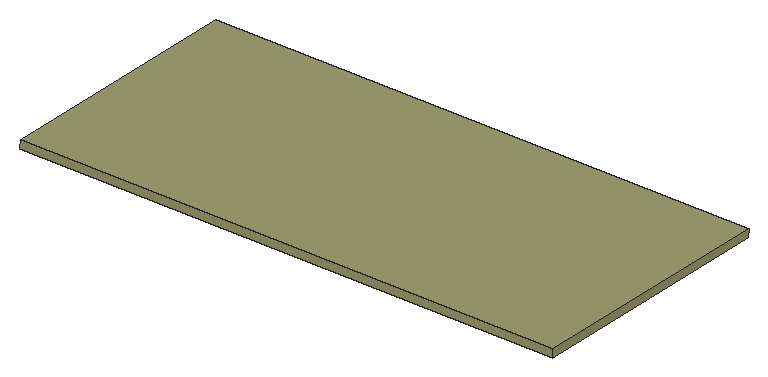
Revit family "Ecowool Classic Board (96kgm3)", category Generic Models, host Face, Revit 2020
Family settings
  Host = Face
  Can host rebar = No
  Round Connector Dimension = Use Diameter
  Part Type = Normal
  Cut with Voids When Loaded = No
  Shared = No
  Room Calculation Point = No
Parameters (values of type "EWBR 2596 (25mm)")
  Width [instance] = 800 mm
  Type of Insulation = "Glass Mineral Wool Insulation"
  Thermal R value = 0.81
  Thermal K value = 0.0309
  Remarks = ""
  Material Specification = ""
  Manufacturer = "PGF Insulation Sdn. Bhd."
  Insulation Thickness = 25 mm
  Length(mm) [instance] = 1740 mm
  Finish = Classic Board
  ECOWOOL Product thickness in mm = ""
  Description = "ECOWOOL™ CLASSIC board is specifically designed to provide superior\r\nfire resistance, acoustical and thermal insulation properties when\r\ninstalled in glass, metal or in fabricated metal pans. ECOWOOL™, the\r\nnew generation of glass mineral wool has been engineered to provide\r\nthe highest levels of thermal and acoustic performance for building\r\noccupants to achieve the level of indoor comfort deserved.\r\nMade from almost 80% recycled glass and locally sourced raw\r\nmaterials, ECOWOOL™ range of glass mineral wool is perfectly in tune\r\nwith sustainability and environmental concerns."
  Density = 96.00 kg/m³
  Default Elevation = 1219.2 mm
Types (3, lengths in mm): name | Thermal R value | Insulation Thickness | Description
  (no name) | 0.81 | 25 | "ECOWOOL™ CLASSIC board is specifically designed to provide superior\r\nfire resistance, acoustical and thermal insulation properties when\r\ninstalled in glass, metal or in fabricated metal pans. ECOWOOL™, the\r\nnew generation of glass mineral wool has been engineered to provide\r\nthe highest levels of thermal and acoustic performance for building\r\noccupants to achieve the level of indoor comfort deserved.\r\nMade from almost 80% recycled glass and locally sourced raw\r\nmaterials, ECOWOOL™ range of glass mineral wool is perfectly in tune\r\nwith sustainability and environmental concerns."
  EWBR 2596 (25mm) | 0.81 | 25 | "ECOWOOL™ CLASSIC board is specifically designed to provide superior\r\nfire resistance, acoustical and thermal insulation properties when\r\ninstalled in glass, metal or in fabricated metal pans. ECOWOOL™, the\r\nnew generation of glass mineral wool has been engineered to provide\r\nthe highest levels of thermal and acoustic performance for building\r\noccupants to achieve the level of indoor comfort deserved.\r\nMade from almost 80% recycled glass and locally sourced raw\r\nmaterials, ECOWOOL™ range of glass mineral wool is perfectly in tune\r\nwith sustainability and environmental concerns."
  EWBR 5096 (50mm) | 1.6 | 50 | "ECOWOOL™ CLASSIC board is specifically designed to provide superior\r\nfire resistance, acoustical and thermal insulation properties when\r\ninstalled in glass, metal or in fabricated metal pans. ECOWOOL™, the\r\nnew generation of glass mineral wool has been engineered to provide\r\nthe highest levels of thermal and acoustic performance for building\r\noccupants to achieve the level of indoor comfort deserved.\r\nMade from almost 80% recycled glass and locally sourced raw\r\nmaterials, ECOWOOL™ range of glass mineral wool is perfectly in tune\r\nwith sustainability and environmental concerns"
Reference planes
  plane 1 "Center (Front/Back)": y = 0
  plane 2: z = 0
  plane 3 "Center (Left/Right)": x = 0
  plane 4: x = 1740
  plane 5: y = -400
  plane 6: y = 400
Forms (mm)
  Sweep 1, solid, material "Classic Board" <- "Finish"
    path origin (0, 0, 0) x (1, 0, 0) y (0, 1, 0)
      loop
        line (0, 0) -> (1740, 0)
    profile origin (870, 0, 0) x (0, 1, 0) y (0, 0, 1)
      loop
        line (-400, 25) -> (-400, 0) -> (400, 0) -> (400, 25) -> (-400, 25)
Lines and regions (mm)
  reference lines
    curve 1: line (0, 0, 0) -> (1740, 0, 0)
Dimensions and locks
  "Width": plane 5 to plane 6
  equal spacing: plane 5, plane 1 "Center (Front/Back)", plane 6
  "Length(mm)": plane 3 "Center (Left/Right)" to plane 4
  "Insulation Thickness": host face to Sweep 1 sketch curve
  aligned and locked: plane 2 to host face
  aligned and locked: level to host face
  aligned and locked: plane 3 "Center (Left/Right)" to curve 1
  aligned and locked: plane 4 to curve 1
  aligned and locked: plane 3 "Center (Left/Right)" to Sweep 1 sketch curve
  aligned and locked: plane 4 to Sweep 1 sketch curve
  aligned and locked: level to Sweep 1 sketch curve
  aligned and locked: plane 6 to Sweep 1 sketch curve
  aligned and locked: Sweep 1 sketch curve to plane 5
Automatic sketch dimensions
  host sketch curve to host sketch curve = 1616.306 mm
  host sketch curve to host sketch curve = 2438.4 mm
  plane 1 "Center (Front/Back)" to curve 1 = 0 mm
  plane 1 "Center (Front/Back)" to Sweep 1 sketch curve = 0 mm
